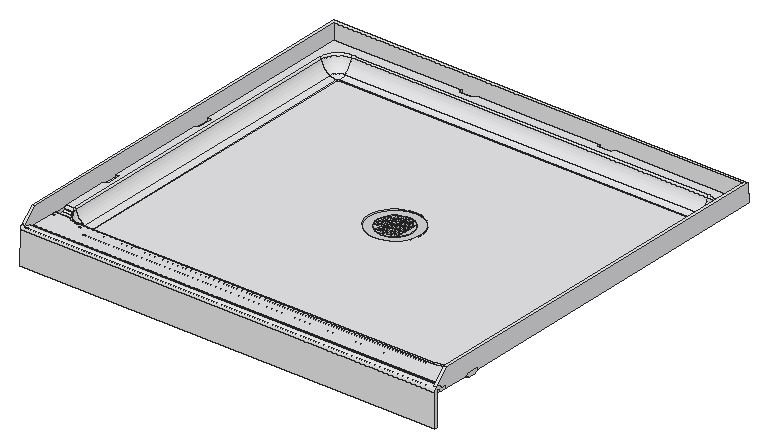
Revit family "Shower-Base-STERLING-GUARD-72301100_1", category Plumbing Fixtures, host Face, Revit 2017 (continued)
Definition of nested family "72301100"
  Lines and regions (in)
    symbolic lines, detail levels medium+fine
      curve 149: arc (1.85562, -0.60132, -1.83027) -> (1.84097, -0.63667, -1.83027) -> (1.80562, -0.65132, -1.83027) r 0.05
      curve 150: line (1.80562, -0.65132, -1.83027) -> (1.50562, -0.65132, -1.83027)
      curve 151: arc (1.50562, -0.65132, -1.83027) -> (1.47026, -0.63667, -1.83027) -> (1.45562, -0.60132, -1.83027) r 0.05
      curve 152: line (1.96671, -0.61091, -1.83027) -> (1.96671, -0.30466, -1.83027)
      curve 153: arc (1.96671, -0.30466, -1.83027) -> (1.98135, -0.26931, -1.83027) -> (2.01671, -0.25466, -1.83027) r 0.05
      curve 154: line (2.01671, -0.25466, -1.83027) -> (2.31671, -0.25466, -1.83027)
      curve 155: arc (2.31671, -0.25466, -1.83027) -> (2.35206, -0.26931, -1.83027) -> (2.36671, -0.30466, -1.83027) r 0.05
      curve 156: line (2.36671, -0.30466, -1.83027) -> (2.36671, -0.61091, -1.83027)
      curve 157: arc (2.36671, -0.61091, -1.83027) -> (2.35206, -0.64627, -1.83027) -> (2.31671, -0.66091, -1.83027) r 0.05
      curve 158: line (2.31671, -0.66091, -1.83027) -> (2.01671, -0.66091, -1.83027)
      curve 159: arc (2.01671, -0.66091, -1.83027) -> (1.98135, -0.64627, -1.83027) -> (1.96671, -0.61091, -1.83027) r 0.05
      curve 160: line (0.17048, -1.07561, -1.83027) -> (0.17048, -0.76936, -1.83027)
      curve 161: arc (0.17048, -0.76936, -1.83027) -> (0.18513, -0.734, -1.83027) -> (0.22048, -0.71936, -1.83027) r 0.05
      curve 162: line (0.22048, -0.71936, -1.83027) -> (0.52048, -0.71936, -1.83027)
      curve 163: arc (0.52048, -0.71936, -1.83027) -> (0.55584, -0.734, -1.83027) -> (0.57048, -0.76936, -1.83027) r 0.05
      curve 164: line (0.57048, -0.76936, -1.83027) -> (0.57048, -1.07561, -1.83027)
      curve 165: arc (0.57048, -1.07561, -1.83027) -> (0.55584, -1.11096, -1.83027) -> (0.52048, -1.12561, -1.83027) r 0.05
      curve 166: line (0.52048, -1.12561, -1.83027) -> (0.22048, -1.12561, -1.83027)
      curve 167: arc (0.22048, -1.12561, -1.83027) -> (0.18513, -1.11096, -1.83027) -> (0.17048, -1.07561, -1.83027) r 0.05
      curve 168: line (0.71899, -1.07561, -1.83027) -> (0.71899, -0.76936, -1.83027)
      curve 169: arc (0.71899, -0.76936, -1.83027) -> (0.73364, -0.734, -1.83027) -> (0.76899, -0.71936, -1.83027) r 0.05
      curve 170: line (0.76899, -0.71936, -1.83027) -> (1.06899, -0.71936, -1.83027)
      curve 171: arc (1.06899, -0.71936, -1.83027) -> (1.10435, -0.734, -1.83027) -> (1.11899, -0.76936, -1.83027) r 0.05
      curve 172: line (1.11899, -0.76936, -1.83027) -> (1.11899, -1.07561, -1.83027)
      curve 173: arc (1.11899, -1.07561, -1.83027) -> (1.10435, -1.11096, -1.83027) -> (1.06899, -1.12561, -1.83027) r 0.05
      curve 174: line (1.06899, -1.12561, -1.83027) -> (0.76899, -1.12561, -1.83027)
      curve 175: arc (0.76899, -1.12561, -1.83027) -> (0.73364, -1.11096, -1.83027) -> (0.71899, -1.07561, -1.83027) r 0.05
      curve 176: line (1.21985, -1.08753, -1.83027) -> (1.21985, -0.78128, -1.83027)
      curve 177: arc (1.21985, -0.78128, -1.83027) -> (1.23449, -0.74593, -1.83027) -> (1.26985, -0.73128, -1.83027) r 0.05
      curve 178: line (1.26985, -0.73128, -1.83027) -> (1.56985, -0.73128, -1.83027)
      curve 179: arc (1.56985, -0.73128, -1.83027) -> (1.6052, -0.74593, -1.83027) -> (1.61985, -0.78128, -1.83027) r 0.05
      curve 180: line (1.61985, -0.78128, -1.83027) -> (1.61985, -1.08753, -1.83027)
      curve 181: arc (1.61985, -1.08753, -1.83027) -> (1.6052, -1.12289, -1.83027) -> (1.56985, -1.13753, -1.83027) r 0.05
      curve 182: line (1.56985, -1.13753, -1.83027) -> (1.26985, -1.13753, -1.83027)
      curve 183: arc (1.26985, -1.13753, -1.83027) -> (1.23449, -1.12289, -1.83027) -> (1.21985, -1.08753, -1.83027) r 0.05
      curve 184: line (1.70792, -1.07572, -1.83027) -> (1.70792, -0.76947, -1.83027)
      curve 185: arc (1.70792, -0.76947, -1.83027) -> (1.72257, -0.73411, -1.83027) -> (1.75792, -0.71947, -1.83027) r 0.05
      curve 186: line (1.75792, -0.71947, -1.83027) -> (2.05792, -0.71947, -1.83027)
      curve 187: arc (2.05792, -0.71947, -1.83027) -> (2.09328, -0.73411, -1.83027) -> (2.10792, -0.76947, -1.83027) r 0.05
      curve 188: line (2.10792, -0.76947, -1.83027) -> (2.10792, -1.07572, -1.83027)
      curve 189: arc (2.10792, -1.07572, -1.83027) -> (2.09328, -1.11108, -1.83027) -> (2.05792, -1.12572, -1.83027) r 0.05
      curve 190: line (2.05792, -1.12572, -1.83027) -> (1.75792, -1.12572, -1.83027)
      curve 191: arc (1.75792, -1.12572, -1.83027) -> (1.72257, -1.11108, -1.83027) -> (1.70792, -1.07572, -1.83027) r 0.05
      curve 193: arc (-14.45236, -14.97571, -1.83027) -> (-14.23019, -15.82618, -1.83027) -> (-13.62046, -16.45934, -1.83027) r 1.73891
      curve 194: line (-12.92532, -16.71462, -1.83027) -> (14.28905, -16.71462, -1.83027)
      curve 195: arc (14.28905, -16.71462, -1.83027) -> (15.51865, -16.20531, -1.83027) -> (16.02796, -14.97571, -1.83027) r 1.73891
      curve 196: spline (-13.45828, -16.3504, -1.83027) -> (-13.44686, -16.35553, -1.83027) -> (-13.4338, -16.36242, -1.83027) -> (-13.41924, -16.37099, -1.83027) -> (-13.40336, -16.38115, -1.83027) -> (-13.38632, -16.39278, -1.83027) -> (-13.36831, -16.40575, -1.83027) -> (-13.34955, -16.41993, -1.83027) -> (-13.33023, -16.43514, -1.83027) -> (-13.31056, -16.45123, -1.83027) -> (-13.29078, -16.46802, -1.83027) -> (-13.2711, -16.48531, -1.83027) -> (-13.25174, -16.50291, -1.83027)
      curve 197: arc (-13.2513, -16.50281, -1.83027) -> (-13.02708, -16.66202, -1.83027) -> (-12.77591, -16.77396, -1.83027) r 1.38991
      curve 198: spline (-12.77591, -16.77396, -1.83027) -> (-12.75365, -16.78165, -1.83027) -> (-12.73177, -16.78965, -1.83027) -> (-12.7105, -16.79787, -1.83027) -> (-12.69001, -16.80625, -1.83027) -> (-12.6705, -16.8147, -1.83027) -> (-12.65214, -16.82316, -1.83027) -> (-12.6351, -16.83153, -1.83027) -> (-12.61954, -16.83976, -1.83027) -> (-12.6056, -16.84775, -1.83027) -> (-12.5934, -16.85545, -1.83027) -> (-12.58306, -16.86278, -1.83027) -> (-12.57467, -16.86966, -1.83027)
      curve 199: line (-12.53877, -16.89051, -1.83027) -> (-12.39748, -17.04929, -1.83027)
      curve 200: spline (-12.57467, -16.86966, -1.83027) -> (-12.57234, -16.87153, -1.83027) -> (-12.56989, -16.87338, -1.83027) -> (-12.56731, -16.87521, -1.83027) -> (-12.56462, -16.87701, -1.83027) -> (-12.5618, -16.87879, -1.83027) -> (-12.55886, -16.88054, -1.83027) -> (-12.5558, -16.88227, -1.83027) -> (-12.55263, -16.88397, -1.83027) -> (-12.54933, -16.88565, -1.83027) -> (-12.54593, -16.8873, -1.83027) -> (-12.5424, -16.88892, -1.83027) -> (-12.53877, -16.89051, -1.83027)
      curve 201: line (-12.39748, -17.04929, -1.83027) -> (-12.39748, -17.75, -1.83027)
      curve 202: line (-13.62046, -17.75, -1.83027) -> (-13.62046, -16.40479, -1.83027)
      curve 203: spline (-13.6202, -16.40474, -1.83027) -> (-13.61986, -16.39332, -1.83027) -> (-13.61824, -16.38191, -1.83027) -> (-13.61539, -16.37075, -1.83027) -> (-13.61135, -16.36009, -1.83027) -> (-13.60623, -16.35016, -1.83027) -> (-13.60013, -16.34118, -1.83027) -> (-13.59319, -16.33334, -1.83027) -> (-13.58555, -16.32682, -1.83027) -> (-13.57738, -16.32176, -1.83027) -> (-13.56887, -16.31826, -1.83027) -> (-13.5602, -16.31642, -1.83027) -> (-13.55155, -16.31625, -1.83027)
      curve 204: spline (-13.55155, -16.31625, -1.83027) -> (-13.54555, -16.31636, -1.83027) -> (-13.53969, -16.31673, -1.83027) -> (-13.53399, -16.31738, -1.83027) -> (-13.52844, -16.31828, -1.83027) -> (-13.52307, -16.31945, -1.83027) -> (-13.51787, -16.32088, -1.83027) -> (-13.51287, -16.32257, -1.83027) -> (-13.50805, -16.32451, -1.83027) -> (-13.50345, -16.32671, -1.83027) -> (-13.49905, -16.32916, -1.83027) -> (-13.49488, -16.33185, -1.83027) -> (-13.49093, -16.33478, -1.83027)
      curve 205: spline (-13.49092, -16.33477, -1.83027) -> (-13.48756, -16.33736, -1.83027) -> (-13.48431, -16.33974, -1.83027) -> (-13.48115, -16.34188, -1.83027) -> (-13.47811, -16.34379, -1.83027) -> (-13.47518, -16.34547, -1.83027) -> (-13.47237, -16.34691, -1.83027) -> (-13.46969, -16.3481, -1.83027) -> (-13.46713, -16.34905, -1.83027) -> (-13.46471, -16.34976, -1.83027) -> (-13.46243, -16.35022, -1.83027) -> (-13.46028, -16.35044, -1.83027) -> (-13.45828, -16.3504, -1.83027)
      curve 206: arc (-14.45236, 14.97571, -1.83027) -> (-14.23019, 15.82618, -1.83027) -> (-13.62046, 16.45934, -1.83027) r 1.73891
      curve 207: line (-12.92532, 16.71462, -1.83027) -> (14.28905, 16.71462, -1.83027)
      curve 208: arc (14.28905, 16.71462, -1.83027) -> (15.51865, 16.20531, -1.83027) -> (16.02796, 14.97571, -1.83027) r 1.73891
      curve 209: spline (-13.45828, 16.3504, -1.83027) -> (-13.44686, 16.35553, -1.83027) -> (-13.4338, 16.36242, -1.83027) -> (-13.41924, 16.37099, -1.83027) -> (-13.40336, 16.38115, -1.83027) -> (-13.38632, 16.39278, -1.83027) -> (-13.36831, 16.40575, -1.83027) -> (-13.34955, 16.41993, -1.83027) -> (-13.33023, 16.43514, -1.83027) -> (-13.31056, 16.45123, -1.83027) -> (-13.29078, 16.46802, -1.83027) -> (-13.2711, 16.48531, -1.83027) -> (-13.25174, 16.50291, -1.83027)
      curve 210: arc (-13.2513, 16.50281, -1.83027) -> (-13.02708, 16.66202, -1.83027) -> (-12.77591, 16.77396, -1.83027) r 1.38991
      curve 211: spline (-12.77591, 16.77396, -1.83027) -> (-12.75365, 16.78165, -1.83027) -> (-12.73177, 16.78965, -1.83027) -> (-12.7105, 16.79787, -1.83027) -> (-12.69001, 16.80625, -1.83027) -> (-12.6705, 16.8147, -1.83027) -> (-12.65214, 16.82316, -1.83027) -> (-12.6351, 16.83153, -1.83027) -> (-12.61954, 16.83976, -1.83027) -> (-12.6056, 16.84775, -1.83027) -> (-12.5934, 16.85545, -1.83027) -> (-12.58306, 16.86278, -1.83027) -> (-12.57467, 16.86966, -1.83027)
      curve 212: line (-12.53877, 16.89051, -1.83027) -> (-12.39748, 17.04929, -1.83027)
      curve 213: spline (-12.57467, 16.86966, -1.83027) -> (-12.57234, 16.87153, -1.83027) -> (-12.56989, 16.87338, -1.83027) -> (-12.56731, 16.87521, -1.83027) -> (-12.56462, 16.87701, -1.83027) -> (-12.5618, 16.87879, -1.83027) -> (-12.55886, 16.88054, -1.83027) -> (-12.5558, 16.88227, -1.83027) -> (-12.55263, 16.88397, -1.83027) -> (-12.54933, 16.88565, -1.83027) -> (-12.54593, 16.8873, -1.83027) -> (-12.5424, 16.88892, -1.83027) -> (-12.53877, 16.89051, -1.83027)
      curve 214: line (-12.39748, 17.04929, -1.83027) -> (-12.39748, 17.75, -1.83027)
      curve 215: line (-13.62046, 17.75, -1.83027) -> (-13.62046, 16.40479, -1.83027)
      curve 216: spline (-13.6202, 16.40474, -1.83027) -> (-13.61986, 16.39332, -1.83027) -> (-13.61824, 16.38191, -1.83027) -> (-13.61539, 16.37075, -1.83027) -> (-13.61135, 16.36009, -1.83027) -> (-13.60623, 16.35016, -1.83027) -> (-13.60013, 16.34118, -1.83027) -> (-13.59319, 16.33334, -1.83027) -> (-13.58555, 16.32682, -1.83027) -> (-13.57738, 16.32176, -1.83027) -> (-13.56887, 16.31826, -1.83027) -> (-13.5602, 16.31642, -1.83027) -> (-13.55155, 16.31625, -1.83027)
      curve 217: spline (-13.55155, 16.31625, -1.83027) -> (-13.54555, 16.31636, -1.83027) -> (-13.53969, 16.31673, -1.83027) -> (-13.53399, 16.31738, -1.83027) -> (-13.52844, 16.31828, -1.83027) -> (-13.52307, 16.31945, -1.83027) -> (-13.51787, 16.32088, -1.83027) -> (-13.51287, 16.32257, -1.83027) -> (-13.50805, 16.32451, -1.83027) -> (-13.50345, 16.32671, -1.83027) -> (-13.49905, 16.32916, -1.83027) -> (-13.49488, 16.33185, -1.83027) -> (-13.49093, 16.33478, -1.83027)
      curve 218: spline (-13.49092, 16.33477, -1.83027) -> (-13.48756, 16.33736, -1.83027) -> (-13.48431, 16.33974, -1.83027) -> (-13.48115, 16.34188, -1.83027) -> (-13.47811, 16.34379, -1.83027) -> (-13.47518, 16.34547, -1.83027) -> (-13.47237, 16.34691, -1.83027) -> (-13.46969, 16.3481, -1.83027) -> (-13.46713, 16.34905, -1.83027) -> (-13.46471, 16.34976, -1.83027) -> (-13.46243, 16.35022, -1.83027) -> (-13.46028, 16.35044, -1.83027) -> (-13.45828, 16.3504, -1.83027)
      curve 219: arc (-8.33184, 17.51362, -1.83027) -> (-8.28717, 17.40579, -1.83027) -> (-8.17934, 17.36112, -1.83027) r 0.15249
      curve 220: line (-8.33184, 17.75, -1.83027) -> (-8.33184, 17.51362, -1.83027)
      curve 221: line (-8.17934, 17.36112, -1.83027) -> (-7.19895, 17.36112, -1.83027)
      curve 222: arc (-7.19895, 17.36112, -1.83027) -> (-7.09328, 17.4049, -1.83027) -> (-7.0495, 17.51057, -1.83027) r 0.14945
      curve 223: line (-7.0495, 17.51057, -1.83027) -> (-7.0495, 17.75, -1.83027)
      curve 224: line (1.82066, 17.36112, -1.83027) -> (2.80105, 17.36112, -1.83027)
      curve 225: line (1.66816, 17.75, -1.83027) -> (1.66816, 17.51362, -1.83027)
      curve 226: arc (1.66816, 17.51362, -1.83027) -> (1.71283, 17.40579, -1.83027) -> (1.82066, 17.36112, -1.83027) r 0.15249
      curve 227: arc (2.80105, 17.36112, -1.83027) -> (2.90672, 17.4049, -1.83027) -> (2.9505, 17.51057, -1.83027) r 0.14945
      curve 228: line (2.9505, 17.51057, -1.83027) -> (2.9505, 17.75, -1.83027)
      curve 229: line (16.44641, 6.53225, -1.83027) -> (16.44641, 5.5411, -1.83027)
      curve 230: line (16.75, 6.68434, -1.83027) -> (16.59849, 6.68434, -1.83027)
      curve 231: arc (16.59849, 6.68434, -1.83027) -> (16.49095, 6.63979, -1.83027) -> (16.44641, 6.53225, -1.83027) r 0.15208
      curve 232: line (16.59359, 5.39392, -1.83027) -> (16.75, 5.39392, -1.83027)
      curve 233: arc (16.44641, 5.5411, -1.83027) -> (16.48952, 5.43703, -1.83027) -> (16.59359, 5.39392, -1.83027) r 0.14718
      curve 234: line (16.44641, -5.46788, -1.83027) -> (16.44641, -6.45903, -1.83027)
      curve 235: arc (16.44641, -6.45903, -1.83027) -> (16.48952, -6.5631, -1.83027) -> (16.59359, -6.60621, -1.83027) r 0.14718
      curve 236: line (16.59359, -6.60621, -1.83027) -> (16.75, -6.60621, -1.83027)
      curve 237: arc (16.59849, -5.3158, -1.83027) -> (16.49095, -5.36034, -1.83027) -> (16.44641, -5.46788, -1.83027) r 0.15208
      curve 238: line (16.75, -5.3158, -1.83027) -> (16.59849, -5.3158, -1.83027)
      curve 239: line (2.80105, -17.36112, -1.83027) -> (1.82066, -17.36112, -1.83027)
      curve 240: arc (1.82066, -17.36112, -1.83027) -> (1.71283, -17.40579, -1.83027) -> (1.66816, -17.51362, -1.83027) r 0.15249
      curve 241: line (1.66816, -17.51362, -1.83027) -> (1.66816, -17.75, -1.83027)
      curve 242: line (2.9505, -17.75, -1.83027) -> (2.9505, -17.51057, -1.83027)
      curve 243: arc (2.9505, -17.51057, -1.83027) -> (2.90672, -17.4049, -1.83027) -> (2.80105, -17.36112, -1.83027) r 0.14945
      curve 244: line (-7.19895, -17.36112, -1.83027) -> (-8.17934, -17.36112, -1.83027)
      curve 245: arc (-8.17934, -17.36112, -1.83027) -> (-8.28717, -17.40579, -1.83027) -> (-8.33184, -17.51362, -1.83027) r 0.15249
      curve 246: line (-8.33184, -17.51362, -1.83027) -> (-8.33184, -17.75, -1.83027)
      curve 247: arc (-7.0495, -17.51057, -1.83027) -> (-7.09328, -17.4049, -1.83027) -> (-7.19895, -17.36112, -1.83027) r 0.14945
      curve 248: line (-7.0495, -17.75, -1.83027) -> (-7.0495, -17.51057, -1.83027)
      curve 249: line (16.18505, 0, -0.12982) -> (-14.61053, 0, -0.12982)
      curve 250: line (0, 17.75, 1.30768) -> (0, 17.75, 0)
      curve 251: line (0, -17.75, 0) -> (0, -17.75, 1.30768)
      curve 252: line (0, -18, 0) -> (0, 18, 0)
      curve 261: line (-15.69504, 17.75, -1.83027) -> (-15.69504, 18, -1.83027)
      curve 262: line (-15.69504, -17.75, -1.83027) -> (-15.69504, -18, -1.83027)
      curve 263: line (-15.92235, 17.75, -1.83027) -> (-15.92235, -17.75, -1.83027)
      curve 264: line (-16.84404, -17.75, -1.83027) -> (-16.84404, 17.75, -1.83027)
      curve 265: line (-16.75272, 0, -0.12982) -> (-17, 0, -0.12982)
      curve 266: line (-7, 0, -2.87982) -> (-7, 0, -1.6242)
      curve 267: line (-7.25927, 0, -1.6242) -> (-7.25927, 0, -2.87982)
      curve 268: line (-3.25927, 0, -1.6242) -> (-3.25927, 0, -2.87982)
      curve 269: line (-3, 0, -2.87982) -> (-3, 0, -1.6242)
      curve 270: line (4.74073, 0, -1.6242) -> (4.74073, 0, -2.87982)
      curve 271: line (5, 0, -2.87982) -> (5, 0, -1.6242)
      curve 272: line (8.74073, 0, -1.6242) -> (8.74073, 0, -2.87982)
      curve 273: line (9, 0, -2.87982) -> (9, 0, -1.6242)
    symbolic lines
      curve 2: line (-17, 17.75, -1.83027) -> (16.75, 17.75, -1.83027)
      curve 3: line (16.75, 17.75, -1.83027) -> (16.75, -17.75, -1.83027)
      curve 6: circle (1.125, 0, -1.83027) r 2.25 normal (0, 0, 1)
      curve 192: line (-17, -17.75, -1.83027) -> (16.75, -17.75, -1.83027)
      curve 253: line (-12.95236, -14.97571, -1.83027) -> (-12.95236, 14.97571, -1.83027)
      curve 254: arc (-12.95236, -14.97571, -1.83027) -> (-12.88238, -15.14465, -1.83027) -> (-12.71345, -15.21462, -1.83027) r 0.23891
      curve 255: line (-12.71345, -15.21462, -1.83027) -> (14.28905, -15.21462, -1.83027)
      curve 256: arc (14.28905, -15.21462, -1.83027) -> (14.45799, -15.14465, -1.83027) -> (14.52796, -14.97571, -1.83027) r 0.23891
      curve 257: line (14.52796, 14.97571, -1.83027) -> (14.52796, -14.97571, -1.83027)
      curve 258: arc (14.28905, 15.21462, -1.83027) -> (14.45799, 15.14465, -1.83027) -> (14.52796, 14.97571, -1.83027) r 0.23891
      curve 259: line (-12.71345, 15.21462, -1.83027) -> (14.28905, 15.21462, -1.83027)
      curve 260: arc (-12.95236, 14.97571, -1.83027) -> (-12.88238, 15.14465, -1.83027) -> (-12.71345, 15.21462, -1.83027) r 0.23891
  Dimensions and locks (in)
    plane 4 to plane 1 "Center (Front/Back)" to plane 5 = 18", 18"
    plane 4 to plane 9 = 1 1/8"
    plane 5 to plane 11 = 1 1/8"
    plane 7 to plane 3 "Center (Left/Right)" to plane 6 = 17", 17"
    plane 12 to plane 6 = 15 7/8"
    plane 17 to plane 8 = 4 3/16"
    plane 18 to plane 8 = 2 3/4"
    plane 4 to plane 5 = 36"
    aligned and locked: plane 2 to level
Types (3): name | Type | Model | Finish
  (no name) | 1 | "72301100-0" | Sterling-Vikrell-0-White
  96-Biscuit | 2 | "72301100-96" | Sterling-Vikrell-96-Biscuit
  0-White | 1 | "72301100-0" | Sterling-Vikrell-0-White
